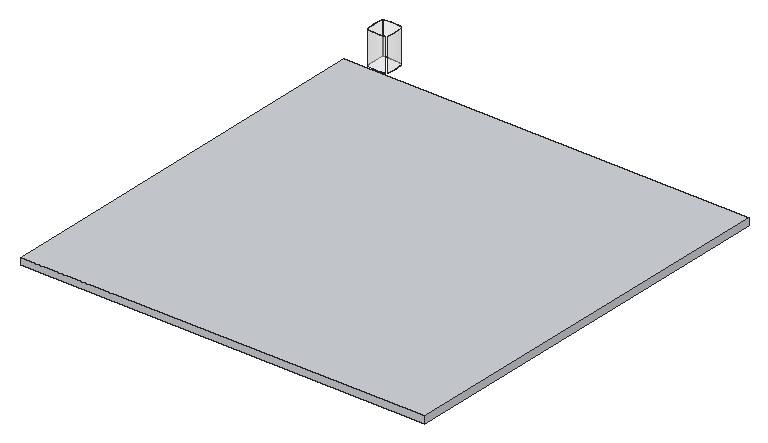
Revit family "SH-1703", category Lighting Fixtures, host Face, Revit 2017
Family settings
  Host = Face
  Round Connector Dimension = Use Diameter
  Part Type = Normal
  Cut with Voids When Loaded = No
  Light Source = Yes
  Shared = No
  Room Calculation Point = No
Parameters (values of type "SH-1703(Black color-3000K-E27)")
  website = "www.shoaco.com"
  instalation = ""
  consumption current = 0.06 A
  color temperature = "3000K"
  color rendering index(CRI) = ""
  Width = 18.4277 cm
  Wattage. = 9 W
  Wattage Comments = ""
  Wattage = 9.2903 W
  Voltage/Frequency = "230v/50hz"
  built-in parameter 1150110 = 1 (stored number, unit not read)
  URL = "https://www.shoaco.com/fa/product/%DA%86%D8%B1%D8%A7%D8%BA-%D9%87%D8%A7%DB%8C-%D8%AD%DB%8C%D8%A7%D8%B7%DB%8C/1121-%DA%86%D8%B1%D8%A7%D8%BA-%D8%AD%DB%8C%D8%A7%D8%B7%DB%8C-%D8%B3%D8%B1%D9%84%D9%88%D9%84%D9%87-%D9%85%D8%AF%D9%84-SH-1703.html"
  Type medule = ""
  built-in parameter 1114217 = 1 (stored number, unit not read)
  Tilt Angle = 90.00°
  built-in parameter 1150109 = 1 (stored number, unit not read)
  built-in parameter 1150134 = 3
  built-in parameter 1150113 = 1 (stored number, unit not read)
  Protection Class = "Class I"
  Photometric Web File = "4376_V-TAC7WLEDBulbE27A60Thermoplastic3000K_1-5117.ies"
  Number of Lamps = "1"
  Model = "SH-1703"
  Manufacturer = "SHOA"
  built-in parameter 1150105 = 73.93 (stored number, unit not read)
  Lumens = 929.03 lm
  built-in parameter 1150115 = 1 (stored number, unit not read)
  built-in parameter 1150137 = (empty or 0)
  built-in parameter 1150139 = (empty or 0)
  Length = 18.4323 cm
  built-in parameter 1150112 = 1 (stored number, unit not read)
  built-in parameter 1150114 = 1 (stored number, unit not read)
  Lamp = "E27"
  built-in parameter 1150132 = (empty or 0)
  built-in parameter 1150102 = (empty or 0)
  built-in parameter 1150107 = 3200 (stored number, unit not read)
  built-in parameter 1150138 = (empty or 0)
  built-in parameter 1150106 = 0.7393 (stored number, unit not read)
  IP = "IP44"
  Height = 31.016 cm
  Flicker = ""
  Emit from Circle Diameter = 60.96 cm
  Emit Shape Visible in Rendering = no
  built-in parameter 1150104 = 9.2903 (stored number, unit not read)
  Dimming Lamp Color Temperature Shift = <None>
  Diffuser Material = "Acrylic"
  Diffuser [instance] = Diffuser
  Default Elevation = 121.92 cm
  Color Filter = 16777215
  Body color = Black Body
  Body Material = "Aluminum"
  built-in parameter 1114218 = 1 (stored number, unit not read)
  built-in parameter 1150133 = 10 (stored number, unit not read)
Reference planes (cm)
  plane 1 "Center (Front/Back)": y = 0
  plane 2: z = 0.918
  plane 3 "Center (Left/Right)": x = 0
  plane 4: x = -9.0351
  plane 5: x = 9.3926
  plane 6: y = 9.1807
  plane 7: y = -9.2516
Forms (cm)
  Extrusion 1, solid
    sketch origin (0, 0, 0.918) x (1, 0, 0) y (0, 1, 0)
      loop
        line (-121.92, 121.92) -> (-121.92, -121.92) -> (121.92, -121.92) -> (121.92, 121.92) -> (-121.92, 121.92)
    from 0 to -4.1998
  Extrusion 2, solid, material "Diffuser" <- "Diffuser"
    sketch origin (0.5261, 0, 93.9371) x (1, 0, 0) y (0, 1, 0)
      loop
        line (-5.6606, 6.0308) -> (-5.6453, 5.932)
        spline (-5.6453, 5.932) -> (-3.931, 6.1719) -> (-2.7457, 6.2926) -> (-1.8654, 6.3474) -> (-1.0895, 6.383) -> (-0.3579, 6.4083) -> (0.3416, 6.4186) -> (1.027, 6.4087) -> (1.7525, 6.3722) -> (2.588, 6.3015) -> (3.5906, 6.1904) -> (4.6457, 6.0531) -> (5.4298, 5.9291)
        line (5.4298, 5.9291) -> (5.4487, 6.0273)
        spline (5.4487, 6.0273) -> (4.6594, 6.1522) -> (3.6035, 6.2895) -> (2.5969, 6.4011) -> (1.7595, 6.472) -> (1.0302, 6.5087) -> (0.3414, 6.5186) -> (-0.3606, 6.5083) -> (-1.0936, 6.4829) -> (-1.8703, 6.4473) -> (-2.7537, 6.3923) -> (-3.9431, 6.2711) -> (-5.6606, 6.0308)
      loop
        line (5.8688, 5.555) -> (5.7699, 5.5402)
        spline (5.7699, 5.5402) -> (5.9865, 3.9747) -> (6.1162, 2.8019) -> (6.184, 1.908) -> (6.2151, 1.1773) -> (6.2305, 0.5082) -> (6.2344, -0.1475) -> (6.2241, -0.8189) -> (6.1985, -1.536) -> (6.1525, -2.3307) -> (6.0757, -3.2374) -> (5.9532, -4.2941) -> (5.7701, -5.5391)
        line (5.7701, -5.5391) -> (5.8688, -5.555)
        spline (5.8688, -5.555) -> (6.0524, -4.3071) -> (6.1753, -3.2472) -> (6.2523, -2.3377) -> (6.298, -1.541) -> (6.3243, -0.8214) -> (6.3344, -0.1479) -> (6.3306, 0.5094) -> (6.3149, 1.1807) -> (6.2838, 1.9137) -> (6.2157, 2.8112) -> (6.0857, 3.9871) -> (5.8688, 5.555)
      loop
        line (4.9901, -6.1155) -> (4.9745, -6.0167)
        spline (4.9745, -6.0167) -> (3.9504, -6.1684) -> (3.1307, -6.268) -> (2.4556, -6.3272) -> (1.8646, -6.3572) -> (1.2968, -6.3699) -> (0.6936, -6.3756) -> (0.0144, -6.3732) -> (-0.7733, -6.3541) -> (-1.7013, -6.3085) -> (-2.8015, -6.2271) -> (-4.1058, -6.1007) -> (-5.6458, -5.9199)
        line (-5.6458, -5.9199) -> (-5.6583, -6.0191)
        spline (-5.6583, -6.0191) -> (-4.1164, -6.2001) -> (-2.81, -6.3267) -> (-1.7074, -6.4082) -> (-0.7769, -6.454) -> (0.013, -6.4733) -> (0.6941, -6.4756) -> (1.2981, -6.4699) -> (1.868, -6.4572) -> (2.4625, -6.4269) -> (3.1411, -6.3675) -> (3.9638, -6.2675) -> (4.9901, -6.1155)
      loop
        spline (-6.08, 5.555) -> (-6.2602, 4.1827) -> (-6.3911, 3.0498) -> (-6.4799, 2.1055) -> (-6.5338, 1.2993) -> (-6.5599, 0.5802) -> (-6.5653, -0.1023) -> (-6.5561, -0.7974) -> (-6.5289, -1.54) -> (-6.4761, -2.3587) -> (-6.3902, -3.282) -> (-6.2633, -4.3384) -> (-6.0878, -5.5565)
        line (-6.0878, -5.5565) -> (-5.989, -5.5412)
        spline (-5.989, -5.5412) -> (-6.1641, -4.3253) -> (-6.2907, -3.2714) -> (-6.3764, -2.3508) -> (-6.429, -1.535) -> (-6.4564, -0.7952) -> (-6.4653, -0.102) -> (-6.4597, 0.5783) -> (-6.434, 1.2941) -> (-6.3803, 2.0975) -> (-6.2917, 3.0393) -> (-6.1609, 4.1704) -> (-5.9809, 5.5414)
        line (-5.9809, 5.5414) -> (-6.08, 5.555)
    from 0 to 20.1
  Extrusion 3, solid, material "Diffuser" <- "Diffuser", not visible
    sketch origin (0, 0, 325.4508) x (1, 0, 0) y (0, 1, 0)
      loop
        line (-5.6606, 6.0308) -> (-5.6453, 5.932)
        spline (-5.6453, 5.932) -> (-3.931, 6.1719) -> (-2.7457, 6.2926) -> (-1.8654, 6.3474) -> (-1.0895, 6.383) -> (-0.3579, 6.4083) -> (0.3416, 6.4186) -> (1.027, 6.4087) -> (1.7525, 6.3722) -> (2.588, 6.3015) -> (3.5906, 6.1904) -> (4.6457, 6.0531) -> (5.4298, 5.9291)
        line (5.4298, 5.9291) -> (5.4487, 6.0273)
        spline (5.4487, 6.0273) -> (4.6594, 6.1522) -> (3.6035, 6.2895) -> (2.5969, 6.4011) -> (1.7595, 6.472) -> (1.0302, 6.5087) -> (0.3414, 6.5186) -> (-0.3606, 6.5083) -> (-1.0936, 6.4829) -> (-1.8703, 6.4473) -> (-2.7537, 6.3923) -> (-3.9431, 6.2711) -> (-5.6606, 6.0308)
      loop
        line (5.8688, 5.555) -> (5.7699, 5.5402)
        spline (5.7699, 5.5402) -> (5.9865, 3.9747) -> (6.1162, 2.8019) -> (6.184, 1.908) -> (6.2151, 1.1773) -> (6.2305, 0.5082) -> (6.2344, -0.1475) -> (6.2241, -0.8189) -> (6.1985, -1.536) -> (6.1525, -2.3307) -> (6.0757, -3.2374) -> (5.9532, -4.2941) -> (5.7701, -5.5391)
        line (5.7701, -5.5391) -> (5.8688, -5.555)
        spline (5.8688, -5.555) -> (6.0524, -4.3071) -> (6.1753, -3.2472) -> (6.2523, -2.3377) -> (6.298, -1.541) -> (6.3243, -0.8214) -> (6.3344, -0.1479) -> (6.3306, 0.5094) -> (6.3149, 1.1807) -> (6.2838, 1.9137) -> (6.2157, 2.8112) -> (6.0857, 3.9871) -> (5.8688, 5.555)
      loop
        line (4.9901, -6.1155) -> (4.9745, -6.0167)
        spline (4.9745, -6.0167) -> (3.9504, -6.1684) -> (3.1307, -6.268) -> (2.4556, -6.3272) -> (1.8646, -6.3572) -> (1.2968, -6.3699) -> (0.6936, -6.3756) -> (0.0144, -6.3732) -> (-0.7733, -6.3541) -> (-1.7013, -6.3085) -> (-2.8015, -6.2271) -> (-4.1058, -6.1007) -> (-5.6458, -5.9199)
        line (-5.6458, -5.9199) -> (-5.6583, -6.0191)
        spline (-5.6583, -6.0191) -> (-4.1164, -6.2001) -> (-2.81, -6.3267) -> (-1.7074, -6.4082) -> (-0.7769, -6.454) -> (0.013, -6.4733) -> (0.6941, -6.4756) -> (1.2981, -6.4699) -> (1.868, -6.4572) -> (2.4625, -6.4269) -> (3.1411, -6.3675) -> (3.9638, -6.2675) -> (4.9901, -6.1155)
      loop
        spline (-6.08, 5.555) -> (-6.2602, 4.1827) -> (-6.3911, 3.0498) -> (-6.4799, 2.1055) -> (-6.5338, 1.2993) -> (-6.5599, 0.5802) -> (-6.5653, -0.1023) -> (-6.5561, -0.7974) -> (-6.5289, -1.54) -> (-6.4761, -2.3587) -> (-6.3902, -3.282) -> (-6.2633, -4.3384) -> (-6.0878, -5.5565)
        line (-6.0878, -5.5565) -> (-5.989, -5.5412)
        spline (-5.989, -5.5412) -> (-6.1641, -4.3253) -> (-6.2907, -3.2714) -> (-6.3764, -2.3508) -> (-6.429, -1.535) -> (-6.4564, -0.7952) -> (-6.4653, -0.102) -> (-6.4597, 0.5783) -> (-6.434, 1.2941) -> (-6.3803, 2.0975) -> (-6.2917, 3.0393) -> (-6.1609, 4.1704) -> (-5.9809, 5.5414)
        line (-5.9809, 5.5414) -> (-6.08, 5.555)
    from 0 to 20.1
  Extrusion 4, solid, material "Diffuser" <- "Diffuser", not visible
    sketch origin (0.5261, 0, 93.9371) x (1, 0, 0) y (0, 1, 0)
      loop
        line (-5.6606, 6.0308) -> (-5.6453, 5.932)
        spline (-5.6453, 5.932) -> (-3.931, 6.1719) -> (-2.7457, 6.2926) -> (-1.8654, 6.3474) -> (-1.0895, 6.383) -> (-0.3579, 6.4083) -> (0.3416, 6.4186) -> (1.027, 6.4087) -> (1.7525, 6.3722) -> (2.588, 6.3015) -> (3.5906, 6.1904) -> (4.6457, 6.0531) -> (5.4298, 5.9291)
        line (5.4298, 5.9291) -> (5.4487, 6.0273)
        spline (5.4487, 6.0273) -> (4.6594, 6.1522) -> (3.6035, 6.2895) -> (2.5969, 6.4011) -> (1.7595, 6.472) -> (1.0302, 6.5087) -> (0.3414, 6.5186) -> (-0.3606, 6.5083) -> (-1.0936, 6.4829) -> (-1.8703, 6.4473) -> (-2.7537, 6.3923) -> (-3.9431, 6.2711) -> (-5.6606, 6.0308)
      loop
        line (5.8688, 5.555) -> (5.7699, 5.5402)
        spline (5.7699, 5.5402) -> (5.9865, 3.9747) -> (6.1162, 2.8019) -> (6.184, 1.908) -> (6.2151, 1.1773) -> (6.2305, 0.5082) -> (6.2344, -0.1475) -> (6.2241, -0.8189) -> (6.1985, -1.536) -> (6.1525, -2.3307) -> (6.0757, -3.2374) -> (5.9532, -4.2941) -> (5.7701, -5.5391)
        line (5.7701, -5.5391) -> (5.8688, -5.555)
        spline (5.8688, -5.555) -> (6.0524, -4.3071) -> (6.1753, -3.2472) -> (6.2523, -2.3377) -> (6.298, -1.541) -> (6.3243, -0.8214) -> (6.3344, -0.1479) -> (6.3306, 0.5094) -> (6.3149, 1.1807) -> (6.2838, 1.9137) -> (6.2157, 2.8112) -> (6.0857, 3.9871) -> (5.8688, 5.555)
      loop
        line (4.9901, -6.1155) -> (4.9745, -6.0167)
        spline (4.9745, -6.0167) -> (3.9504, -6.1684) -> (3.1307, -6.268) -> (2.4556, -6.3272) -> (1.8646, -6.3572) -> (1.2968, -6.3699) -> (0.6936, -6.3756) -> (0.0144, -6.3732) -> (-0.7733, -6.3541) -> (-1.7013, -6.3085) -> (-2.8015, -6.2271) -> (-4.1058, -6.1007) -> (-5.6458, -5.9199)
        line (-5.6458, -5.9199) -> (-5.6583, -6.0191)
        spline (-5.6583, -6.0191) -> (-4.1164, -6.2001) -> (-2.81, -6.3267) -> (-1.7074, -6.4082) -> (-0.7769, -6.454) -> (0.013, -6.4733) -> (0.6941, -6.4756) -> (1.2981, -6.4699) -> (1.868, -6.4572) -> (2.4625, -6.4269) -> (3.1411, -6.3675) -> (3.9638, -6.2675) -> (4.9901, -6.1155)
      loop
        spline (-6.08, 5.555) -> (-6.2602, 4.1827) -> (-6.3911, 3.0498) -> (-6.4799, 2.1055) -> (-6.5338, 1.2993) -> (-6.5599, 0.5802) -> (-6.5653, -0.1023) -> (-6.5561, -0.7974) -> (-6.5289, -1.54) -> (-6.4761, -2.3587) -> (-6.3902, -3.282) -> (-6.2633, -4.3384) -> (-6.0878, -5.5565)
        line (-6.0878, -5.5565) -> (-5.989, -5.5412)
        spline (-5.989, -5.5412) -> (-6.1641, -4.3253) -> (-6.2907, -3.2714) -> (-6.3764, -2.3508) -> (-6.429, -1.535) -> (-6.4564, -0.7952) -> (-6.4653, -0.102) -> (-6.4597, 0.5783) -> (-6.434, 1.2941) -> (-6.3803, 2.0975) -> (-6.2917, 3.0393) -> (-6.1609, 4.1704) -> (-5.9809, 5.5414)
        line (-5.9809, 5.5414) -> (-6.08, 5.555)
    from 0 to 20.1
Dimensions and locks (cm)
  "Height": free form element to free form element
  "Width": plane 4 to plane 5
  "Length": plane 6 to plane 7
  aligned and locked: plane 2 to Extrusion 1
  aligned and locked: level to Extrusion 1
  aligned and locked: imposter light to free form element
  aligned and locked: free form element to Extrusion 2  (x2)
Automatic sketch dimensions
  Extrusion 1 sketch curve to Extrusion 1 sketch curve = 243.84 cm  (x2)
Connectors (cm)
  electrical at (0.4205, 0, 86.5671)
    settings: on free form element, index 1, voltage 230 V, apparent load 0 VA, apparent load phase1 0 VA, apparent load phase2 0 VA, apparent load phase3 0 VA, power factor 1, load classification "Other", number of poles 1, system type 31, power factor state 1, is connector primary yes, connector utility no, sub classification motor no, connector description ""
